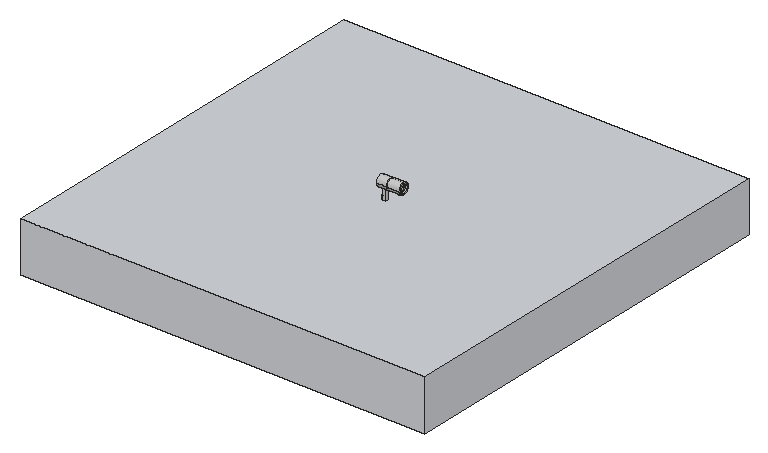
Revit family "LAMP_HANCE 48V 1000-2000 SUPER SPOT", category Luminarias, Revit 2015
Parameters (values of type "498LM 2700 SUPER SPOT BLACK")
  Weight = 0.46 kg
  Type = "HIGH POWER CREE"
  Tilting angle [instance] = 90.00°
  Tilting [instance] = if(Tilting angle < 0.00°, 0.00°, if(Tilting angle > 90.00°, 90.00°, Tilting angle))  # 90.00°
  Rotation angle [instance] = 90.00°
  Protection rating = "IP20"
  Product datasheet = "http://www.lamp.es/product-files/TECH/HS1TL10SS827NBB-EN.pdf"
  Product code = "HS1TL10SS827NBB"
  Product URL = "https://www.lamp.es/en/family/hance-48v_195581"
  Power Supply = "48V DC"
  Power = 8 W
  Plum = 9.4 W
  Photometric web file = Cuerpo Hance 48V BASE 1000_2000 (tilting)_SS : 498LM 2700 SUPER SPOT BLACK
  Modelo = Product code  # "HS1TL10SS827NBB"
  Model explanation = "Availability of tilting between 0º and 90º, rotation between 0º and 355º and change ring color when placed in a project."
  Material tija = LAMP_Aluminio Hance Negro
  Manufacturer name = "LAMP"
  Manufacturer country = "Spain"
  Manufacturer URL = "http://www.lamp.es/en"
  MacAdam = "3"
  Luminaire type = "Indoor - Spotlight"
  Last update = "27/03/2019"
  Lamp = "HIGH POWER LED"
  LED Lifetime = "50.000 L90"
  Insulation class = "III"
  Installation instructions = "https://www.lamp.es/product-files/INS/1004290-B-INSTR.%20DE%20MONTAJE%20HANCE%2048V.pdf"
  Initial intensity = 498 lm
  Initial color = 2700 K
  IEE = "A+"
  Height = 135 mm
  Gear = "Electronic"
  Finish = "RAL9011 textured"
  Fabricante = Manufacturer name  # "LAMP"
  Default Elevation = 1219.2 mm
  Efficacy = 53 lm/W
  Diameter = 65 mm
  Descripción = "HANCE TRACK 48 1000 VWW SSP BK."
  Decorative ring [instance] = Aro decorativo 48V (tilting) (1000-2000) : Black
  Comentarios de tipo = Model explanation  # "Availability of tilting between 0º and 90º, rotation between 0º and 355º and change ring color when placed in a project."
  CRI = "80"
Types (12, lengths in mm): name | Product datasheet | Product code | Power | Plum | Photometric web file | Modelo | Material tija | LED Lifetime | Initial intensity | Initial color | IEE | Finish | Efficacy | Descripción
  498LM 2700 SUPER SPOT BLACK | "http://www.lamp.es/product-files/TECH/HS1TL10SS827NBB-EN.pdf" | "HS1TL10SS827NBB" | 8 W | 9.4 W | Cuerpo Hance 48V BASE 1000_2000 (tilting)_SS : 498LM 2700 SUPER SPOT BLACK | "HS1TL10SS827NBB" | LAMP_Aluminio Hance Negro | "50.000 L90" | 498 lm | 2700 K | "A+" | "RAL9011 textured" | 53 lm/W | "HANCE TRACK 48 1000 VWW SSP BK."
  498LM 2700 SUPER SPOT WHITE | "http://www.lamp.es/product-files/TECH/HS1TL10SS827NBW-EN.pdf" | "HS1TL10SS827NBW" | 8 W | 9.4 W | Cuerpo Hance 48V BASE 1000_2000 (tilting)_SS : 498LM 2700 SUPER SPOT WHITE | "HS1TL10SS827NBW" | LAMP_Aluminio Hance Blanco | "50.000 L90" | 498 lm | 2700 K | "A+" | "RAL9010 textured" | 53 lm/W | "HANCE TRACK 48 1000 VWW SSP WH."
  498LM 3000 SUPER SPOT BLACK | "http://www.lamp.es/product-files/TECH/HS1TL10SS830NBB-EN.pdf" | "HS1TL10SS830NBB" | 8 W | 9.4 W | Cuerpo Hance 48V BASE 1000_2000 (tilting)_SS : 498LM 3000 SUPER SPOT BLACK | "HS1TL10SS830NBB" | LAMP_Aluminio Hance Negro | "50.000 L90" | 498 lm | 3000 K | "A+" | "RAL9011 textured" | 53 lm/W | "HANCE TRACK 48 1000 WW SSP BK."
  498LM 3000 SUPER SPOT WHITE | "http://www.lamp.es/product-files/TECH/HS1TL10SS830NBW-EN.pdf" | "HS1TL10SS830NBW" | 8 W | 9.4 W | Cuerpo Hance 48V BASE 1000_2000 (tilting)_SS : 498LM 3000 SUPER SPOT WHITE | "HS1TL10SS830NBW" | LAMP_Aluminio Imag Blanco | "50.000 L90" | 498 lm | 3000 K | "A+" | "RAL9010 textured" | 53 lm/W | "HANCE TRACK 48 1000 WW SSP WH."
  537LM 4000 SUPER SPOT BLACK | "http://www.lamp.es/product-files/TECH/HS1TL10SS840NBB-EN.pdf" | "HS1TL10SS840NBB" | 8 W | 9.1 W | Cuerpo Hance 48V BASE 1000_2000 (tilting)_SS : 537LM 4000 SUPER SPOT BLACK | "HS1TL10SS840NBB" | LAMP_Aluminio Hance Negro | "50.000 L90" | 537 lm | 4000 K | "A+" | "RAL9011 textured" | 59 lm/W | "HANCE TRACK 48 1000 NW SSP BK."
  537LM 4000 SUPER SPOT WHITE | "http://www.lamp.es/product-files/TECH/HS1TL10SS840NBW-EN.pdf" | "HS1TL10SS840NBW" | 8 W | 9.1 W | Cuerpo Hance 48V BASE 1000_2000 (tilting)_SS : 537LM 4000 SUPER SPOT WHITE | "HS1TL10SS840NBW" | LAMP_Aluminio Hance Blanco | "50.000 L90" | 537 lm | 4000 K | "A+" | "RAL9010 textured" | 59 lm/W | "HANCE TRACK 48 1000 NW SSP WH."
  689LM 2700 SUPER SPOT BLACK | "http://www.lamp.es/product-files/TECH/HS1TL20SS827NBB-EN.pdf" | "HS1TL20SS827NBB" | 12 W | 13.6 W | Cuerpo Hance 48V BASE 1000_2000 (tilting)_SS : 689LM 2700 SUPER SPOT BLACK | "HS1TL20SS827NBB" | LAMP_Aluminio Hance Negro | "50.000 L80" | 689 lm | 2700 K | "A" | "RAL9011 textured" | 50.66 lm/W | "HANCE TRACK 48 2000 VWW SSP BK."
  689LM 2700 SUPER SPOT WHITE | "http://www.lamp.es/product-files/TECH/HS1TL20SS827NBW-EN.pdf" | "HS1TL20SS827NBW" | 12 W | 13.6 W | Cuerpo Hance 48V BASE 1000_2000 (tilting)_SS : 689LM 2700 SUPER SPOT WHITE | "HS1TL20SS827NBW" | LAMP_Aluminio Hance Blanco | "50.000 L80" | 689 lm | 2700 K | "A" | "RAL9010 textured" | 50.66 lm/W | "HANCE TRACK 48 2000 VWW SSP WH."
  689LM 3000 SUPER SPOT BLACK | "http://www.lamp.es/product-files/TECH/HS1TL20SS830NBB-EN.pdf" | "HS1TL20SS830NBB" | 12 W | 13.6 W | Cuerpo Hance 48V BASE 1000_2000 (tilting)_SS : 689LM 3000 SUPER SPOT BLACK | "HS1TL20SS830NBB" | LAMP_Aluminio Hance Negro | "50.000 L80" | 689 lm | 3000 K | "A" | "RAL9011 textured" | 50.66 lm/W | "HANCE TRACK 48 2000 WW SSP BK."
  689LM 3000 SUPER SPOT WHITE | "http://www.lamp.es/product-files/TECH/HS1TL20SS830NBW-EN.pdf" | "HS1TL20SS830NBW" | 12 W | 13.6 W | Cuerpo Hance 48V BASE 1000_2000 (tilting)_SS : 689LM 3000 SUPER SPOT WHITE | "HS1TL20SS830NBW" | LAMP_Aluminio Hance Blanco | "50.000 L80" | 689 lm | 3000 K | "A" | "RAL9010 textured" | 50.66 lm/W | "HANCE TRACK 48 2000 WW SSP WH."
  746LM 4000 SUPER SPOT BLACK | "http://www.lamp.es/product-files/TECH/HS1TL20SS840NBB-EN.pdf" | "HS1TL20SS840NBB" | 12 W | 13.6 W | Cuerpo Hance 48V BASE 1000_2000 (tilting)_SS : 746LM 4000 SUPER SPOT BLACK | "HS1TL20SS840NBB" | LAMP_Aluminio Hance Negro | "50.000 L80" | 746 lm | 4000 K | "A" | "RAL9011 textured" | 55 lm/W | "HANCE TRACK 48 2000 NW SSP BK."
  746LM 4000 SUPER SPOT WHITE | "http://www.lamp.es/product-files/TECH/HS1TL20SS840NBW-EN.pdf" | "HS1TL20SS840NBW" | 12 W | 13.6 W | Cuerpo Hance 48V BASE 1000_2000 (tilting)_SS : 746LM 4000 SUPER SPOT WHITE | "HS1TL20SS840NBW" | LAMP_Aluminio Hance Blanco | "50.000 L80" | 746 lm | 4000 K | "A" | "RAL9010 textured" | 55 lm/W | "HANCE TRACK 48 2000 NW SSP WH."
Reference planes
  plane 1 "Centro (Frontal/Posterior)": y = 0
  plane 2: z = 0
  plane 3 "Centro (Izquierda/Derecha)": x = 0
Forms (mm)
  Extrusion 1, solid
    sketch origin (0, 0, 0) x (1, 0, 0) y (0, 1, 0)
      loop
        line (-1219.2, 1219.2) -> (-1219.2, -1219.2) -> (1219.2, -1219.2) -> (1219.2, 1219.2) -> (-1219.2, 1219.2)
    from 0 to -304.8
Lines and regions (mm)
  reference lines
    curve 1: line (0, 0, 0) -> (35, 0, 0)
Text (mm)
  text "Any modification of the parameters and properties of the LAMP BIM models must be executed and validated by the LAMP technical department.\n\nPhone: +34 93 736 68 00\n\nE-mail: lamp@lamp.es\n\n\n\nLAMP reserves the right to modify the technical specifications of its products." at (-20834.097, 15882.061, -4447.286), in view "Preview"
Dimensions and locks
  "Rotation angle": angle curve 1 to plane 3 "Centro (Izquierda/Derecha)"
  aligned and locked: plane 2 to Extrusion 1
  aligned and locked: level to Extrusion 1
  aligned and locked: plane 3 "Centro (Izquierda/Derecha)" to curve 1
  aligned and locked: plane 1 "Centro (Frontal/Posterior)" to curve 1
Automatic sketch dimensions
  Extrusion 1 sketch curve to Extrusion 1 sketch curve = 2438.4 mm  (x2)
Nested families
  nested 1: "Tija 48V (1000-2000)" at (4.1, 0, 0), type "Tija 48V"
  nested 2: "Cuerpo Hance 48V BASE 1000_2000 (tilting)_SS" at (1.081, -1.967, 77.249) x (1, 0, 0) z (0, 0, -1), type <- "Photometric web file", type "498LM 2700 SUPER SPOT BLACK"
  nested 3: "Aro decorativo 48V (tilting) (1000-2000)" at (57.856, 0, 77.274) x (0, 0, 1) z (1, 0, 0), type <- "Decorative ring", type "Black"
    with Tilting 0.00°
Definition of nested family "Tija 48V (1000-2000)"
  Parameters (values of type "Tija 48V")
    Profundidad tija = 18 mm
    Material tija = none
    Default Elevation = 1219.2 mm
    Diametro vaciado redondo = if(Anchura tija = 20 mm, 10 mm, 7.5 mm)  # 10 mm
    Anchura tija = 20 mm
    Profundo vaciado = if(Profundidad tija = 18 mm, 10.8 mm, 1 mm)  # 10.8 mm
    Ancho vaciado = Anchura tija  # 20 mm
    Altura tija = 88.5 mm
  Reference planes
    plane 1 "Centro (Frontal/Posterior)": y = 0
    plane 2: z = 0
    plane 3 "Centro (Izquierda/Derecha)": x = 0
  Forms (mm)
    Extrusion 1, solid
      sketch origin (0, 0, 0) x (1, 0, 0) y (0, 1, 0)
        loop
          line (-1219.2, 1219.2) -> (-1219.2, -1219.2) -> (1219.2, -1219.2) -> (1219.2, 1219.2) -> (-1219.2, 1219.2)
      from 0 to -304.8
    Extrusion 2, solid, material <- "Material tija"
      sketch origin (0, 0, -18) x (1, 0, 0) y (0, 0, 1)
        loop
          line (13.9, 18) -> (13.9, 106.5) -> (-6.297, 106.5)
          arc (-6.297, 106.5) -> (-12.297, 100.5) -> (-6.297, 94.5) r 6
          line (-6.297, 94.5) -> (-4.1, 94.5) -> (-4.1, 40) -> (-18.142, 40) -> (-18.142, 18) -> (-4.1, 18) -> (13.9, 18)
      from -10 to 10
    Extrusion 3, void
      sketch origin (10.8, -11.5, 0) x (-1, 0, 0) y (0, 1, 0)
        loop
          line (0, 21.5) -> (-28.341, 21.5) -> (-28.341, 1.5) -> (0, 1.5)
          arc (0, 1.5) -> (-1.264, 11.5) -> (0, 21.5) r 40.201
      from -132.265 to 0
    Extrusion 4, void
      sketch origin (27.648, 0, 0) x (1, 0, 0) y (0, 1, 0)
        loop
          line (-31.748, 10) -> (-31.748, 20) -> (-61.648, 20) -> (-61.648, -18.394) -> (-31.748, -18.394) -> (-31.748, -10)
          arc (-31.748, -10) -> (-41.748, 0) -> (-31.748, 10) r 10
      from 0 to 22
    Extrusion 5, void
      sketch origin (0, 0, 0) x (1, 0, 0) y (0, 0, 1)
        loop
          circle (-7.621, 82.5) r 3.125
        loop
          circle (-7.621, 46.9) r 3.125
      from -21.347 to 27.483
  Cuts and joins
    Extrusion 3, Extrusion 4, Extrusion 5 cuts Extrusion 2
  Lines and regions (mm)
    reference lines
      curve 1: line (10.8, -11.5, 0) -> (10.8, 11.5, 0)
  Dimensions and locks
    equal spacing: cut or joined group of Extrusion 2, Extrusion 3, Extrusion 4, Extrusion 5, plane 1 "Centro (Frontal/Posterior)", cut or joined group of Extrusion 2, Extrusion 3, Extrusion 4, Extrusion 5
    "Anchura tija": cut or joined group of Extrusion 2, Extrusion 3, Extrusion 4, Extrusion 5 to cut or joined group of Extrusion 2, Extrusion 3, Extrusion 4, Extrusion 5
    plane 1 "Centro (Frontal/Posterior)" to Extrusion 3 sketch curve = 10 mm
    "Altura tija": Extrusion 2 sketch curve to Extrusion 2 sketch curve
    "Profundidad tija": cut or joined group of Extrusion 2, Extrusion 3, Extrusion 4, Extrusion 5 to cut or joined group of Extrusion 2, Extrusion 3, Extrusion 4, Extrusion 5
    locked: cut or joined group of Extrusion 2, Extrusion 3, Extrusion 4, Extrusion 5 to plane 3 "Centro (Izquierda/Derecha)" at 4.1
    locked: plane 3 "Centro (Izquierda/Derecha)" to Extrusion 3 sketch curve at 39.141
    "Profundo vaciado": plane 3 "Centro (Izquierda/Derecha)" to curve 1
    "Ancho vaciado": Extrusion 3 sketch curve to Extrusion 3 sketch curve
    equal spacing: Extrusion 3 sketch curve, plane 1 "Centro (Frontal/Posterior)", Extrusion 3 sketch curve
    "Diametro vaciado redondo": radius of Extrusion 4 sketch curve
    aligned and locked: plane 2 to Extrusion 1
    aligned and locked: level to Extrusion 1
  Automatic sketch dimensions
    Extrusion 1 sketch curve to Extrusion 1 sketch curve = 2438.4 mm  (x2)
    Extrusion 5 sketch curve to plane 3 "Centro (Izquierda/Derecha)" = 7.621 mm  (x2)
    level to Extrusion 5 sketch curve = 46.9 mm
    Extrusion 5 sketch curve to Extrusion 5 sketch curve = 35.6 mm
    Extrusion 5 sketch curve to Extrusion 5 sketch curve = 3.125 mm  (x2)
    Extrusion 2 sketch curve to level = 0 mm
    Extrusion 2 sketch curve to plane 3 "Centro (Izquierda/Derecha)" = 18.142 mm
    Extrusion 2 sketch curve to plane 3 "Centro (Izquierda/Derecha)" = 6.297 mm
    Extrusion 2 sketch curve to plane 3 "Centro (Izquierda/Derecha)" = 4.1 mm  (x2)
    plane 3 "Centro (Izquierda/Derecha)" to Extrusion 2 sketch curve = 13.9 mm
    level to Extrusion 2 sketch curve = 22 mm
    Extrusion 2 sketch curve to Extrusion 2 sketch curve = 12 mm
    plane 1 "Centro (Frontal/Posterior)" to curve 1 = 11.5 mm
    curve 1 to plane 1 "Centro (Frontal/Posterior)" = 11.5 mm
    Extrusion 3 sketch curve to curve 1 = 0 mm  (x2)
    curve 1 to Extrusion 3 sketch curve = 38.937 mm
    plane 1 "Centro (Frontal/Posterior)" to Extrusion 4 sketch curve = 0 mm
    Extrusion 4 sketch curve to plane 3 "Centro (Izquierda/Derecha)" = 34 mm
    Extrusion 4 sketch curve to plane 3 "Centro (Izquierda/Derecha)" = 4.1 mm
    plane 1 "Centro (Frontal/Posterior)" to Extrusion 4 sketch curve = 18.394 mm
    Extrusion 4 sketch curve to Extrusion 4 sketch curve = 10 mm
Definition of nested family "Cuerpo Hance 48V BASE 1000_2000 (tilting)_SS"
  Parameters (values of type "498LM 2700 SUPER SPOT BLACK")
    Tilting = 90.00°
    Photometric web file = Cuerpo Hance 48V BASE 1000_2000_SS : 498LM 2700 SUPER SPOT BLACK
    Longitud cuerpo = 135 mm
    Default Elevation = 1219.2 mm
  Types (13, lengths in mm): name | Photometric web file
    (no name) | Cuerpo Hance 48V BASE 1000_2000_SS : 498LM 2700 SUPER SPOT BLACK
    498LM 2700 SUPER SPOT BLACK | Cuerpo Hance 48V BASE 1000_2000_SS : 498LM 2700 SUPER SPOT BLACK
    498LM 2700 SUPER SPOT WHITE | Cuerpo Hance 48V BASE 1000_2000_SS : 498LM 2700 SUPER SPOT WHITE
    498LM 3000 SUPER SPOT BLACK | Cuerpo Hance 48V BASE 1000_2000_SS : 498LM 3000 SUPER SPOT BLACK
    498LM 3000 SUPER SPOT WHITE | Cuerpo Hance 48V BASE 1000_2000_SS : 498LM 3000 SUPER SPOT WHITE
    537LM 4000 SUPER SPOT BLACK | Cuerpo Hance 48V BASE 1000_2000_SS : 537LM 4000 SUPER SPOT BLACK
    537LM 4000 SUPER SPOT WHITE | Cuerpo Hance 48V BASE 1000_2000_SS : 537LM 4000 SUPER SPOT WHITE
    689LM 2700 SUPER SPOT BLACK | Cuerpo Hance 48V BASE 1000_2000_SS : 689LM 2700 SUPER SPOT BLACK
    689LM 2700 SUPER SPOT WHITE | Cuerpo Hance 48V BASE 1000_2000_SS : 689LM 2700 SUPER SPOT WHITE
    689LM 3000 SUPER SPOT BLACK | Cuerpo Hance 48V BASE 1000_2000_SS : 689LM 3000 SUPER SPOT BLACK
    689LM 3000 SUPER SPOT WHITE | Cuerpo Hance 48V BASE 1000_2000_SS : 689LM 3000 SUPER SPOT WHITE
    746LM 4000 SUPER SPOT BLACK | Cuerpo Hance 48V BASE 1000_2000_SS : 746LM 4000 SUPER SPOT BLACK
    746LM 4000 SUPER SPOT WHITE | Cuerpo Hance 48V BASE 1000_2000_SS : 746LM 4000 SUPER SPOT WHITE
  Reference planes
    plane 1 "Centro (Frontal/Posterior)": y = 0
    plane 2: z = 0
    plane 3 "Centro (Izquierda/Derecha)": x = 0
  Lines and regions (mm)
    reference lines
      curve 1: line (0, 0, 0) -> (200, 0, 0)
  Dimensions and locks
    "Tilting": angle plane 3 "Centro (Izquierda/Derecha)" to curve 1
    aligned and locked: level to plane 2
    aligned and locked: plane 3 "Centro (Izquierda/Derecha)" to curve 1
    aligned and locked: plane 2 to curve 1
  Nested families
    nested 1: "Cuerpo Hance 48V BASE 1000_2000_SS" at (21.857, -1.967, 11.25), type <- "Photometric web file", type "498LM 2700 SUPER SPOT BLACK"
  Definition of nested family "Cuerpo Hance 48V BASE 1000_2000_SS"
    Parameters (values of type "498LM 2700 SUPER SPOT BLACK")
      Tilt Angle = 90.00° + Tilting  # 180.00°
      Wattage = 9.4 W
      Tilting = 90.00°
      built-in parameter 1150107 = 2700 (stored number, unit not read)
      Radio vacio posterior = Radio cuerpo - 2.2 mm  # 30.3 mm
      Radio vaciado = Radio cuerpo - 1.5 mm  # 31 mm
      Radio optica = if(Radio cuerpo = 20 mm, 10 mm, 23 mm)  # 23 mm
      Radio cuerpo = if(Longitud cuerpo = 78 mm, 20 mm, 32.5 mm)  # 32.5 mm
      built-in parameter 1150110 = 1 (stored number, unit not read)
      built-in parameter 1150109 = 1 (stored number, unit not read)
      built-in parameter 1150112 = 1 (stored number, unit not read)
      built-in parameter 1150113 = 1 (stored number, unit not read)
      built-in parameter 1114218 = 1 (stored number, unit not read)
      built-in parameter 1150137 = (empty or 0)
      built-in parameter 1150132 = 2
      Material reflector = none
      Material optica = none
      Material cuerpo = none
      Material COB = none
      Longitud cuerpo = 135 mm
      Long. origen luz = if(Longitud cuerpo = 78 mm, 20 mm, 77 mm)  # 77 mm
      L_2 = if(Ancho disipador posterior = 32 mm, 9.5 mm, 21 mm)  # 21 mm
      L_1 = if(Ancho disipador posterior = 32 mm, 13 mm, 27 mm)  # 27 mm
      built-in parameter 1150105 = 9177.4 (stored number, unit not read)
      built-in parameter 1150102 = (empty or 0)
      built-in parameter 1150106 = 91.774 (stored number, unit not read)
      Lumens = 498.2 lm
      Color Filter = 16777215
      built-in parameter 1114217 = 1 (stored number, unit not read)
      built-in parameter 1150139 = (empty or 0)
      Default Elevation = 1219.2 mm
      built-in parameter 1150104 = 4.9239 (stored number, unit not read)
      Efficacy = 53 lm/W
      Diametro aro = if(Radio cuerpo = 20 mm, 17.9 mm, 30.4 mm)  # 30.4 mm
      built-in parameter 1150115 = 1 (stored number, unit not read)
      built-in parameter 1150114 = 1 (stored number, unit not read)
      built-in parameter 1150138 = (empty or 0)
      built-in parameter 1150134 = (empty or 0)
      Dimming Lamp Color Temperature Shift = (empty or 0)
      Photometric Web File = "HS1TL10SS827NBB.IES"
      Ancho vaciado reflector = Ancho reflector - 1 mm  # 23 mm
      Ancho reflector = 24 mm
      Ancho disipador posterior = if(Radio cuerpo = 20 mm, 32 mm, 57 mm)  # 57 mm
      built-in parameter 1150133 = 10 (stored number, unit not read)
      Altura disipador superior = if(Radio cuerpo = 20 mm, 44.3 mm, 45.3 mm)  # 45.3 mm
      Ancho disipador superior = if(Radio cuerpo = 20 mm, 16.8 mm, 22.6 mm)  # 22.6 mm
    Types (12, lengths in mm): name | Wattage | built-in parameter 1150107 | built-in parameter 1150105 | built-in parameter 1150106 | Lumens | built-in parameter 1150104 | Efficacy | built-in parameter 1150134 | Photometric Web File
      498LM 2700 SUPER SPOT BLACK | 9.4 W | 2700 (stored number, unit not read) | 9177.4 (stored number, unit not read) | 91.774 (stored number, unit not read) | 498.2 lm | 4.9239 (stored number, unit not read) | 53 lm/W | (empty or 0) | "HS1TL10SS827NBB.IES"
      498LM 2700 SUPER SPOT WHITE | 9.4 W | 2700 (stored number, unit not read) | 9177.4 (stored number, unit not read) | 91.774 (stored number, unit not read) | 498.2 lm | 4.9239 (stored number, unit not read) | 53 lm/W | (empty or 0) | "HS1TL10SS827NBW.IES"
      498LM 3000 SUPER SPOT BLACK | 9.4 W | 3000 (stored number, unit not read) | 9177.4 (stored number, unit not read) | 91.774 (stored number, unit not read) | 498.2 lm | 4.9239 (stored number, unit not read) | 53 lm/W | (empty or 0) | "HS1TL10SS830NBB.IES"
      498LM 3000 SUPER SPOT WHITE | 9.4 W | 3000 (stored number, unit not read) | 9177.4 (stored number, unit not read) | 91.774 (stored number, unit not read) | 498.2 lm | 4.9239 (stored number, unit not read) | 53 lm/W | (empty or 0) | "HS1TL10SS830NBW.IES"
      537LM 4000 SUPER SPOT BLACK | 9.1 W | 4000 (stored number, unit not read) | 9890.3 (stored number, unit not read) | 98.903 (stored number, unit not read) | 536.9 lm | 5.4813 (stored number, unit not read) | 59 lm/W | 12 | "HS1TL10SS840NBB.IES"
      537LM 4000 SUPER SPOT WHITE | 9.1 W | 4000 (stored number, unit not read) | 9890.3 (stored number, unit not read) | 98.903 (stored number, unit not read) | 536.9 lm | 5.4813 (stored number, unit not read) | 59 lm/W | 12 | "HS1TL10SS840NBW.IES"
      689LM 2700 SUPER SPOT BLACK | 13.6 W | 2700 (stored number, unit not read) | 12776.8 (stored number, unit not read) | 127.77 (stored number, unit not read) | 693.6 lm | 4.7381 (stored number, unit not read) | 51 lm/W | (empty or 0) | "HS1TL20SS827NBB.IES"
      689LM 2700 SUPER SPOT WHITE | 13.6 W | 2700 (stored number, unit not read) | 12776.8 (stored number, unit not read) | 127.77 (stored number, unit not read) | 693.6 lm | 4.7381 (stored number, unit not read) | 51 lm/W | (empty or 0) | "HS1TL20SS827NBW.IES"
      689LM 3000 SUPER SPOT BLACK | 13.6 W | 3000 (stored number, unit not read) | 12776.8 (stored number, unit not read) | 127.77 (stored number, unit not read) | 693.6 lm | 4.7381 (stored number, unit not read) | 51 lm/W | (empty or 0) | "HS1TL20SS830NBB.IES"
      689LM 3000 SUPER SPOT WHITE | 13.6 W | 3000 (stored number, unit not read) | 12776.8 (stored number, unit not read) | 127.77 (stored number, unit not read) | 693.6 lm | 4.7381 (stored number, unit not read) | 51 lm/W | (empty or 0) | "HS1TL20SS830NBW.IES"
      746LM 4000 SUPER SPOT BLACK | 13.6 W | 4000 (stored number, unit not read) | 13778.9 (stored number, unit not read) | 137.79 (stored number, unit not read) | 748 lm | 5.1097 (stored number, unit not read) | 55 lm/W | 12 | "HS1TL20SS840NBB.IES"
      746LM 4000 SUPER SPOT WHITE | 13.6 W | 4000 (stored number, unit not read) | 13778.9 (stored number, unit not read) | 137.79 (stored number, unit not read) | 748 lm | 5.1097 (stored number, unit not read) | 55 lm/W | 12 | "HS1TL20SS840NBW.IES"
    Reference planes
      plane 1 "Centro (Frontal/Posterior)": y = 0
      plane 2: z = 0
      plane 3 "Centro (Izquierda/Derecha)": x = 0
    Forms (mm)
      Extrusion 1, solid, material <- "Material cuerpo"
        sketch origin (0, 0, 0) x (0, -1, 0) y (0, 0, 1)
          loop
            circle (0, -27.875) r 32.5
        from -93 to 42
      Extrusion 2, void
        sketch origin (0, 0, 0) x (0, 1, 0) y (0, 0, 1)
          loop
            line (11.3, 30) -> (-11.3, 30) -> (-11.3, -15.3)
            arc (-11.3, -15.3) -> (0, -16.149) -> (11.3, -15.3) r 75.643
            line (11.3, -15.3) -> (11.3, 30)
        from -42 to -9.283
      Extrusion 3, void
        sketch origin (0, 0, 0) x (0, 1, 0) y (0, 0, 1)
          loop
            circle (0, -27.875) r 30.3
        from -42 to -41
      Extrusion 4, void
        sketch origin (0, 0, 0) x (0, 1, 0) y (0, 0, 1)
          loop
            line (28.5, -26.291) -> (-28.5, -26.291)
            arc (-28.5, -26.291) -> (-29.7, -27.491) -> (-28.5, -28.691) r 1.2
            line (-28.5, -28.691) -> (28.5, -28.691)
            arc (28.5, -28.691) -> (29.7, -27.491) -> (28.5, -26.291) r 1.2
          loop
            line (28.115, -30.891) -> (-28.115, -30.891)
            arc (-28.115, -30.891) -> (-29.315, -32.091) -> (-28.115, -33.291) r 1.2
            line (-28.115, -33.291) -> (28.115, -33.291)
            arc (28.115, -33.291) -> (29.315, -32.091) -> (28.115, -30.891) r 1.2
          loop
            line (27, -35.404) -> (-25.984, -35.404)
            arc (-25.984, -35.404) -> (-27.184, -36.604) -> (-25.984, -37.804) r 1.2
            line (-25.984, -37.804) -> (27, -37.804)
            arc (27, -37.804) -> (28.2, -36.604) -> (27, -35.404) r 1.2
          loop
            line (21, -39.58) -> (-21.697, -39.58)
            arc (-21.697, -39.58) -> (-22.897, -40.78) -> (-21.697, -41.98) r 1.2
            line (-21.697, -41.98) -> (21, -41.98)
            arc (21, -41.98) -> (22.2, -40.78) -> (21, -39.58) r 1.2
        from -42 to -38.7
      Extrusion 5, void
        sketch origin (0, 0, 0) x (-1, 0, 0) y (0, -1, 0)
          loop
            line (37.7, -6.3) -> (37.7, 6.3)
            arc (37.7, 6.3) -> (36.6, 7.4) -> (35.5, 6.3) r 1.1
            line (35.5, 6.3) -> (35.5, -6.3)
            arc (35.5, -6.3) -> (36.6, -7.4) -> (37.7, -6.3) r 1.1
          loop
            line (28.9, -6.3) -> (28.9, 6.3)
            arc (28.9, 6.3) -> (27.8, 7.4) -> (26.7, 6.3) r 1.1
            line (26.7, 6.3) -> (26.7, -6.3)
            arc (26.7, -6.3) -> (27.8, -7.4) -> (28.9, -6.3) r 1.1
          loop
            line (20.1, -6.3) -> (20.1, 6.3)
            arc (20.1, 6.3) -> (19, 7.4) -> (17.9, 6.3) r 1.1
            line (17.9, 6.3) -> (17.9, -6.3)
            arc (17.9, -6.3) -> (19, -7.4) -> (20.1, -6.3) r 1.1
        from -18.74 to 30
      Extrusion 6, void
        sketch origin (0, 0, 0) x (-1, 0, 0) y (0, -1, 0)
          loop
            line (33.3, -6.3) -> (33.3, 6.3)
            arc (33.3, 6.3) -> (32.2, 7.4) -> (31.1, 6.3) r 1.1
            line (31.1, 6.3) -> (31.1, -6.3)
            arc (31.1, -6.3) -> (32.2, -7.4) -> (33.3, -6.3) r 1.1
          loop
            line (24.5, -6.3) -> (24.5, 6.3)
            arc (24.5, 6.3) -> (23.4, 7.4) -> (22.3, 6.3) r 1.1
            line (22.3, 6.3) -> (22.3, -6.3)
            arc (22.3, -6.3) -> (23.4, -7.4) -> (24.5, -6.3) r 1.1
        from -16.455 to 30
      Extrusion 7, void
        sketch origin (0, 0, 0) x (0, 1, 0) y (0, 0, 1)
          loop
            circle (0, -27.875) r 31
        from 17.213 to 93
      Extrusion 8, solid, material <- "Material COB"
        sketch origin (0, 0, 0) x (0, -1, 0) y (0, 0, 1)
          loop
            circle (0, -27.875) r 7.733
        from -75.2 to -74.213
      Revolve 9, solid, material <- "Material reflector"
        sketch origin (0, 0, 0) x (1, 0, 0) y (0, 0, 1)
          loop
            line (79.5, -3.875) -> (74.213, -6.142) -> (73.213, -6.57) -> (73.213, -27.875) -> (74.213, -27.875) -> (74.213, -20.142) -> (75.2, -20.142) -> (79.5, -4.875) -> (79.5, -3.875)
          axis (73.213, -27.875) -> (79.5, -27.875)
        angle from 0 to 360
    Cuts and joins
      Extrusion 2, Extrusion 3, Extrusion 4, Extrusion 5, Extrusion 6, Extrusion 7 cuts Extrusion 1
    Lines and regions (mm)
      reference lines
        curve 1: line (0, 0, 0) -> (178.042, 0, 0)
        curve 2: line (36, 0, -27.875) -> (113, 0, -27.875)
        curve 3: line (0, 0, 0) -> (0, 0, -75)
        curve 4: line (36, 0, -22.875) -> (36, 0, -32.875)
    Text (mm)
      text "Any modification of the parameters and properties of the LAMP BIM models must be executed and validated by the LAMP technical department.\n\nPhone: +34 93 736 68 00\n\nE-mail: lamp@lamp.es\n\n\n\nLAMP reserves the right to modify the technical specifications of its products." at (97482.136, -81600.41, 57308.082), in view "Preview"
    Dimensions and locks
      "Longitud cuerpo": cut or joined group of Extrusion 1, Extrusion 2, Extrusion 3, Extrusion 4, Extrusion 5, Extrusion 6, Extrusion 7 to cut or joined group of Extrusion 1, Extrusion 2, Extrusion 3, Extrusion 4, Extrusion 5, Extrusion 6, Extrusion 7
      locked: cut or joined group of Extrusion 1, Extrusion 2, Extrusion 3, Extrusion 4, Extrusion 5, Extrusion 6, Extrusion 7 to curve 3 at 42
      "Long. origen luz": curve 4 to curve 2
      equal spacing: Extrusion 4 sketch curve, plane 1 "Centro (Frontal/Posterior)", Extrusion 4 sketch curve
      "Ancho disipador posterior": Extrusion 4 sketch curve to Extrusion 4 sketch curve
      "L_1": Extrusion 4 sketch curve to plane 1 "Centro (Frontal/Posterior)"
      "L_2": Extrusion 4 sketch curve to curve 3
      equal spacing: Extrusion 2 sketch curve, plane 1 "Centro (Frontal/Posterior)", Extrusion 2 sketch curve
      "Ancho disipador superior": Extrusion 2 sketch curve to Extrusion 2 sketch curve
      "Altura disipador superior": Extrusion 2 sketch curve to Extrusion 2 sketch curve
      locked: plane 2 to Extrusion 2 sketch curve at 30
      locked: Extrusion 8 to Extrusion 8 at 0.987
      locked: cut or joined group of Extrusion 1, Extrusion 2, Extrusion 3, Extrusion 4, Extrusion 5, Extrusion 6, Extrusion 7 to Extrusion 8 at 17.8
      "Ancho reflector": Revolve 9 sketch curve to imposter light
      locked: Revolve 9 to cut or joined group of Extrusion 1, Extrusion 2, Extrusion 3, Extrusion 4, Extrusion 5, Extrusion 6, Extrusion 7 at 13.5
      "Radio cuerpo": radius of Extrusion 1 sketch curve
      "Radio vaciado": radius of Extrusion 7 sketch curve
      "Radio vacio posterior": radius of Extrusion 3 sketch curve
      "Tilting": angle plane 3 "Centro (Izquierda/Derecha)" to curve 1
      aligned and locked: level to plane 2
      aligned and locked: imposter light to curve 2  (x2)
      aligned and locked: cut or joined group of Extrusion 1, Extrusion 2, Extrusion 3, Extrusion 4, Extrusion 5, Extrusion 6, Extrusion 7 to cut or joined group of Extrusion 1, Extrusion 2, Extrusion 3, Extrusion 4, Extrusion 5, Extrusion 6, Extrusion 7
    Automatic sketch dimensions
      Extrusion 8 sketch curve to plane 1 "Centro (Frontal/Posterior)" = 0 mm
      curve 1 to Extrusion 5 sketch curve = 17.9 mm
      Extrusion 5 sketch curve to Extrusion 5 sketch curve = 1.1 mm  (x3)
      Extrusion 5 sketch curve to Extrusion 5 sketch curve = 6.6 mm  (x2)
      Extrusion 5 sketch curve to curve 1 = 6.3 mm  (x3)
      curve 1 to Extrusion 5 sketch curve = 6.3 mm  (x3)
      Extrusion 6 sketch curve to curve 1 = 6.3 mm  (x2)
      curve 1 to Extrusion 6 sketch curve = 22.3 mm
      Extrusion 6 sketch curve to Extrusion 6 sketch curve = 1.1 mm  (x2)
      Extrusion 6 sketch curve to Extrusion 6 sketch curve = 6.6 mm
      curve 1 to Extrusion 6 sketch curve = 6.3 mm
      Extrusion 6 sketch curve to Extrusion 6 sketch curve = 0 mm
      Extrusion 1 sketch curve to plane 1 "Centro (Frontal/Posterior)" = 0 mm
      Extrusion 1 sketch curve to level = 27.875 mm
      Extrusion 2 sketch curve to plane 1 "Centro (Frontal/Posterior)" = 0 mm
      Extrusion 2 sketch curve to Extrusion 2 sketch curve = 29.494 mm
      Extrusion 3 sketch curve to plane 1 "Centro (Frontal/Posterior)" = 0 mm
      Extrusion 3 sketch curve to level = 27.875 mm
      Extrusion 4 sketch curve to Extrusion 4 sketch curve = 0.385 mm  (x2)
      Extrusion 4 sketch curve to Extrusion 4 sketch curve = 2.132 mm
      Extrusion 4 sketch curve to Extrusion 4 sketch curve = 4.287 mm
      Extrusion 4 sketch curve to level = 41.98 mm
      Extrusion 4 sketch curve to Extrusion 4 sketch curve = 1.2 mm  (x4)
      Extrusion 4 sketch curve to Extrusion 4 sketch curve = 1.776 mm
      Extrusion 4 sketch curve to Extrusion 4 sketch curve = 2.113 mm
      Extrusion 4 sketch curve to Extrusion 4 sketch curve = 2.2 mm
      Extrusion 7 sketch curve to plane 1 "Centro (Frontal/Posterior)" = 0 mm
      Extrusion 7 sketch curve to level = 27.875 mm
      curve 1 to level = 0 mm
      curve 1 to plane 3 "Centro (Izquierda/Derecha)" = 0 mm
      curve 3 to curve 1 = 0 mm  (x2)
      curve 3 to curve 1 = 75 mm
      curve 1 to curve 4 = 36 mm
      curve 1 to curve 4 = 32.875 mm
      curve 1 to curve 2 = 27.875 mm
      curve 2 to curve 4 = 5 mm
      Revolve 9 sketch curve to level = 6.57 mm
      plane 3 "Centro (Izquierda/Derecha)" to Revolve 9 sketch curve = 73.213 mm
      Revolve 9 sketch curve to level = 6.142 mm
      Revolve 9 sketch curve to Revolve 9 sketch curve = 1 mm  (x3)
      Revolve 9 sketch curve to level = 20.142 mm
      Revolve 9 sketch curve to Revolve 9 sketch curve = 0.987 mm
      Revolve 9 sketch curve to Revolve 9 sketch curve = 5.287 mm
      Revolve 9 sketch curve to Revolve 9 sketch curve = 7.733 mm
      Revolve 9 sketch curve to Revolve 9 sketch curve = 0 mm  (x2)
      Revolve 9 sketch curve to Revolve 9 sketch curve = 18.787 mm
      radius of Extrusion 8 sketch curve = 7.733 mm
Definition of nested family "Aro decorativo 48V (tilting) (1000-2000)"
  Parameters (values of type "Copper")
    Weight (1000/2000) = 0.01 kg
    Weight (500) = 0.004 kg
    Tilting = 90.00°
    Product datasheet = ""
    Product code (1000/2000) = "HSRI65C"
    Product code (500) = "HSRI40C"
    Product URL = ""
    Model = ""
    Material aro secundario = none
    Material aro = none
    Manufacturer name = "LAMP"
    Manufacturer country = "Spain"
    Manufacturer URL = "http://www.lamp.es/en"
    Longitud = 47.9 mm
    Last update = "18/03/2019"
    Installation instructions = ""
    Finish = "Metalized matt copper"
    Manufacturer = Manufacturer name  # "LAMP"
    Default Elevation = 1219.2 mm
    Diameter (1000/2000) = 65 mm
    Diameter (500) = 40 mm
    Description = ""
    Accessory Type = "Optic"
    1000/2000 Model = "HSRI65C"
    1000/2000 Description = "HANCE 1000/2000 ACC. RING DECO CO."
    500 Model = "HSRI40C"
    500 Description = "HANCE 500 ACC. RING DECO CO."
  Types (5, lengths in mm): name | Product code (1000/2000) | Product code (500) | Finish | 1000/2000 Model | 1000/2000 Description | 500 Model | 500 Description
    (no name) | "HSRI65C" | "HSRI40C" | "Metalized matt copper" | "HSRI65C" | "HANCE 1000/2000 ACC. RING DECO CO." | "HSRI40C" | "HANCE 500 ACC. RING DECO CO."
    Black | "" | "" | "Matt black" | "" | "" | "" | ""
    Copper | "HSRI65C" | "HSRI40C" | "Metalized matt copper" | "HSRI65C" | "HANCE 1000/2000 ACC. RING DECO CO." | "HSRI40C" | "HANCE 500 ACC. RING DECO CO."
    Grey | "HSRI65M" | "HSRI40M" | "Metalized matt silver" | "HSRI65M" | "HANCE 1000/2000 ACC. RING DECO MET." | "HSRI40M" | "HANCE 500 ACC. RING DECO MET."
    White | "HSRI65W" | "HSRI40W" | "Matt black" | "HSRI65W" | "HANCE 1000/2000 ACC. RING DECO WH." | "HSRI40W" | "HANCE 500 ACC. RING DECO WH."
  Reference planes
    plane 1 "Centro (Frontal/Posterior)": y = 0
    plane 2: z = 0
    plane 3 "Centro (Izquierda/Derecha)": x = 0
  Lines and regions (mm)
    reference lines
      curve 1: line (0, 0, 0) -> (0, 0, -16.564)
      curve 2: line (0, 0, -16.564) -> (47.89, 0, -16.564)
  Text (mm)
    text "Any modification of the parameters and properties of the LAMP BIM models must be executed and validated by the LAMP technical department.\n\nPhone: +34 93 736 68 00\n\nE-mail: lamp@lamp.es\n\n\n\nLAMP reserves the right to modify the technical specifications of its products." at (86527.204, -96597.187, 50741.736), in view "Preview"
  Dimensions and locks
    "Tilting": angle curve 1 to plane 2
    aligned and locked: level to plane 2
    aligned and locked: plane 3 "Centro (Izquierda/Derecha)" to curve 1
    aligned and locked: plane 2 to curve 1
  Automatic sketch dimensions
    curve 2 to curve 1 = 0 mm
    curve 1 to curve 2 = 0 mm
    curve 1 to curve 2 = 47.89 mm
  Nested families
    nested 1: "Aro decorativo 48V (1000-2000)" at (-0.01, 0, 0), type "Copper"
  Definition of nested family "Aro decorativo 48V (1000-2000)"
    Parameters (values of type "Copper")
      Weight (1000/2000) = 0.01 kg
      Weight (500) = 0.004 kg
      Product datasheet = ""
      Product code (1000/2000) = "HSRI65C"
      Product code (500) = "HSRI40C"
      Product URL = ""
      Model = ""
      Material aro secundario = none
      Material aro = none
      Manufacturer name = "LAMP"
      Manufacturer country = "Spain"
      Manufacturer URL = "http://www.lamp.es/en"
      Longitud = 47.9 mm
      Last update = "18/03/2019"
      Installation instructions = ""
      Finish = "Metalized matt copper"
      Manufacturer = Manufacturer name  # "LAMP"
      Radio vaciado aro interior = 24.921 mm
      Radio vaciado aro exterior = 30 mm
      Radio aro interior = 25.985 mm
      Radio aro exterior = 31 mm
      Default Elevation = 1219.2 mm
      Diameter (1000/2000) = 65 mm
      Diameter (500) = 40 mm
      Description = ""
      Accessory Type = "Optic"
      1000/2000 Model = "HSRI65C"
      1000/2000 Description = "HANCE 1000/2000 ACC. RING DECO CO."
      500 Description = "HANCE 500 ACC. RING DECO CO."
      500 Model = "HSRI40C"
    Types (5, lengths in mm): name | Product code (1000/2000) | Product code (500) | Finish | Radio vaciado aro interior | Radio aro interior | 1000/2000 Model | 1000/2000 Description | 500 Description | 500 Model
      (no name) | "HSRI65C" | "HSRI40C" | "Metalized matt copper" | 24.921 | 25.985 | "HSRI65C" | "HANCE 1000/2000 ACC. RING DECO CO." | "HANCE 500 ACC. RING DECO CO." | "HSRI40C"
      Black | "" | "" | "Matt black" | 24.9 | 26 | "" | "" | "" | ""
      Copper | "HSRI65C" | "HSRI40C" | "Metalized matt copper" | 24.921 | 25.985 | "HSRI65C" | "HANCE 1000/2000 ACC. RING DECO CO." | "HANCE 500 ACC. RING DECO CO." | "HSRI40C"
      Grey | "HSRI65M" | "HSRI40M" | "Metalized matt silver" | 24.9 | 26 | "HSRI65M" | "HANCE 1000/2000 ACC. RING DECO MET." | "HANCE 500 ACC. RING DECO MET." | "HSRI40M"
      White | "HSRI65W" | "HSRI40W" | "Matt white" | 24.9 | 26 | "HSRI65W" | "HANCE 1000/2000 ACC. RING DECO WH." | "HANCE 500 ACC. RING DECO WH." | "HSRI40W"
    Reference planes
      plane 1 "Centro (Frontal/Posterior)": y = 0
      plane 2: z = 0
      plane 3 "Centro (Izquierda/Derecha)": x = 0
    Forms (mm)
      Revolve 1, solid, material <- "Material aro"
        sketch origin (0, 0, -16.6) x (1, 0, 0) y (0, 0, 1)
          loop
            line (46.082, 0) -> (58.082, 0) -> (58.082, 31) -> (46.082, 25.921) -> (46.082, 0)
          axis (58.082, 0) -> (46.082, 0)
        angle from 0 to 360
      Revolve 2, void
        sketch origin (0, 0, -16.6) x (1, 0, 0) y (0, 0, 1)
          loop
            line (58.082, 30) -> (46.082, 24.921) -> (46.082, 0) -> (58.082, 0) -> (58.082, 30)
          axis (46.082, 0) -> (58.082, 0)
        angle from 0 to 360
      Revolve 3, solid, material <- "Material aro secundario"
        sketch origin (0, 0, 0) x (1, 0, 0) y (0, 0, 1)
          loop
            line (46.082, -16.6) -> (46.082, 9.321) -> (42.782, 7.294) -> (42.782, -16.6) -> (46.082, -16.6)
          axis (42.782, -16.6) -> (46.082, -16.6)
        angle from 0 to 360
      Revolve 4, void
        sketch origin (0, 0, 0) x (1, 0, 0) y (0, 0, 1)
          loop
            line (42.782, -16.6) -> (46.082, -16.6) -> (46.082, 8.321) -> (42.782, 6.294) -> (42.782, -16.6)
          axis (42.782, -16.6) -> (46.082, -16.6)
        angle from 0 to 360
    Cuts and joins
      Revolve 2 cuts Revolve 1
      Revolve 4 cuts Revolve 3
    Lines and regions (mm)
      reference lines
        curve 1: line (0, 0, -16.6) -> (47.9, 0, -16.6)
    Text (mm)
      text "Any modification of the parameters and properties of the LAMP BIM models must be executed and validated by the LAMP technical department.\n\nPhone: +34 93 736 68 00\n\nE-mail: lamp@lamp.es\n\n\n\nLAMP reserves the right to modify the technical specifications of its products." at (91886.357, -93022.329, 47898.266), in view "Preview"
    Dimensions and locks
      "Radio aro exterior": Revolve 1 sketch curve to Revolve 1 sketch curve
      "Radio vaciado aro exterior": Revolve 2 sketch curve to Revolve 2 sketch curve
      "Longitud": curve 1 to plane 3 "Centro (Izquierda/Derecha)"
      "Radio aro interior": Revolve 1 sketch curve to Revolve 1 sketch curve
      "Radio vaciado aro interior": Revolve 2 sketch curve to Revolve 2 sketch curve
      aligned and locked: level to plane 2
    Automatic sketch dimensions
      Revolve 3 sketch curve to plane 3 "Centro (Izquierda/Derecha)" = 0 mm
      Revolve 3 sketch curve to level = 16.6 mm
      plane 3 "Centro (Izquierda/Derecha)" to Revolve 3 sketch curve = 42.782 mm
      Revolve 3 sketch curve to Revolve 3 sketch curve = 3.3 mm
      level to Revolve 3 sketch curve = 7.294 mm
      Revolve 3 sketch curve to Revolve 3 sketch curve = 1.818 mm
      Revolve 3 sketch curve to Revolve 3 sketch curve = 0 mm
      Revolve 3 sketch curve to Revolve 3 sketch curve = 2.027 mm
      Revolve 4 sketch curve to plane 3 "Centro (Izquierda/Derecha)" = 0 mm
      Revolve 4 sketch curve to level = 16.6 mm  (x2)
      plane 3 "Centro (Izquierda/Derecha)" to Revolve 4 sketch curve = 42.782 mm
      Revolve 4 sketch curve to Revolve 4 sketch curve = 3.3 mm
      level to Revolve 4 sketch curve = 8.321 mm
      level to Revolve 4 sketch curve = 6.294 mm
      Revolve 4 sketch curve to Revolve 4 sketch curve = 1.818 mm
      Revolve 1 sketch curve to curve 1 = 0 mm  (x3)
      Revolve 1 sketch curve to curve 1 = 1.818 mm
      curve 1 to Revolve 1 sketch curve = 10.182 mm
      Revolve 1 sketch curve to Revolve 1 sketch curve = 0 mm
      Revolve 2 sketch curve to curve 1 = 0 mm  (x2)
      Revolve 2 sketch curve to curve 1 = 1.818 mm
      curve 1 to Revolve 2 sketch curve = 10.182 mm
      Revolve 2 sketch curve to curve 1 = 1261.008 mm
      Revolve 2 sketch curve to Revolve 2 sketch curve = 1898.983 mm
      curve 1 to plane 3 "Centro (Izquierda/Derecha)" = 0 mm
      curve 1 to level = 16.6 mm
